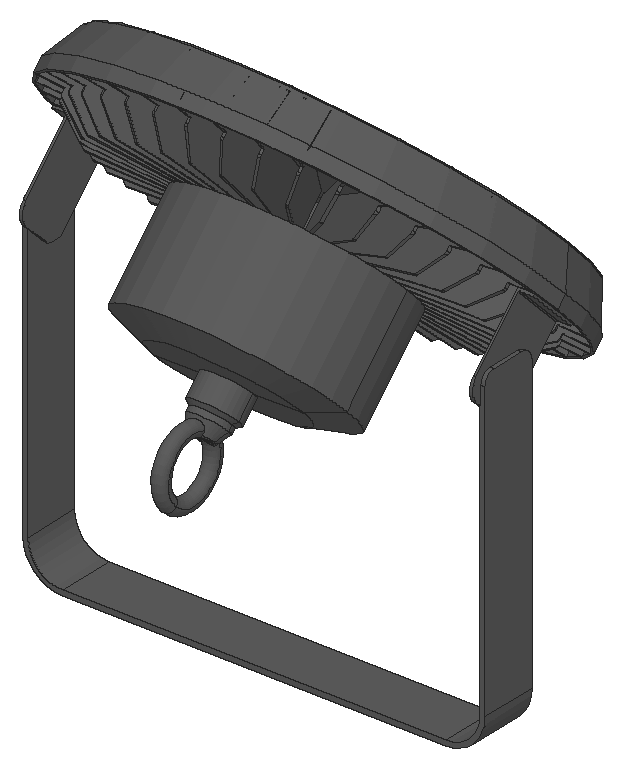
Revit family "0039351+0039354 Feilo Sylvania Lighting Fixture START HIGHBAY 6K 19KLM WIDE with BRACKET", category Lighting Fixtures, host Face, Revit 2017 (continued)
Definition of nested family "Start LED Highbay Head"
  Dimensions and locks
    equal spacing: plane 38, plane 3 "Center (Left/Right)", plane 39
    "EyeThickness_FEILO": plane 38 to plane 39
    "EyeThickness_FEILO": plane 37 to plane 40
    equal spacing: plane 37, plane 41, plane 40
    equal spacing: plane 6, plane 42, plane 18
    "ThicknessBracket_FEILO": plane 45 to plane 6
    "ThicknessBracket_FEILO": plane 8 to plane 44
    locked: plane 43 to plane 18 at 1
    equal spacing: plane 24, plane 46, plane 26
    equal spacing: plane 47, plane 1 "Center (Front/Back)", plane 48
    "WidthBracket_FEILO": plane 47 to plane 48
    "WidthRingChamfer_FEILO": plane 50 to plane 49
    "ThicknessWall_FEILO": plane 51 to plane 49
    equal spacing: plane 50, plane 52, plane 51
    "ThicknessBracket_FEILO": plane 54 to plane 50
    locked: plane 53 to plane 51 at 1
    "Radius_FEILO": plane 49 to plane 3 "Center (Left/Right)"
    "ShadeRadiusOut_FEILO": plane 3 "Center (Left/Right)" to plane 55
    "ShadeHeight_FEILO": plane 56 to plane 4
    "ShadeRadiusIn_FEILO": plane 3 "Center (Left/Right)" to plane 57
    locked: plane 58 to plane 57 at 8
    "ShadeThickness_FEILO": plane 60 to plane 4
    "ShadeThickness_FEILO": plane 59 to plane 55
    "EyeThicknessHalf_FEILO": radius of curve 8
    "ThicknessBracket_FEILO": radius of Extrusion 7 sketch curve  (x2)
    "ThicknessBracketHalf_FEILO": radius of Extrusion 7 sketch curve  (x2)
    "ShadeRadiusBend_FEILO": radius of curve 9
    aligned and locked: plane 2 to Extrusion 1
    aligned and locked: level to Extrusion 1
    aligned and locked: plane 5 to curve 1
    aligned and locked: plane 6 to curve 1
    aligned and locked: plane 7 to curve 1
    aligned and locked: plane 10 to curve 2
    aligned and locked: plane 9 to curve 3
    aligned and locked: plane 4 to curve 3
    aligned and locked: plane 11 to curve 3
    aligned and locked: plane 4 to curve 4
    aligned and locked: plane 18 to curve 5
    aligned and locked: plane 10 to curve 5
    aligned and locked: Revolve 2 sketch curve to plane 3 "Center (Left/Right)"
    aligned and locked: Revolve 2 sketch curve to curve 3
    aligned and locked: Revolve 2 sketch curve to curve 1
    aligned and locked: plane 4 to Revolve 2 sketch curve
    aligned and locked: plane 9 to Revolve 2 sketch curve
    aligned and locked: Revolve 2 sketch curve to plane 13
    aligned and locked: Revolve 2 sketch curve to plane 10
    aligned and locked: plane 13 to Revolve 2 sketch curve
    aligned and locked: plane 10 to Revolve 2 sketch curve
    aligned and locked: Revolve 2 sketch curve to plane 18
    aligned and locked: Revolve 2 sketch curve to plane 8
    aligned and locked: plane 5 to Revolve 2 sketch curve  (x2)
    aligned and locked: Revolve 3 sketch curve to plane 3 "Center (Left/Right)"
    aligned and locked: plane 11 to Revolve 3 sketch curve
    aligned and locked: Revolve 3 sketch curve to curve 2
    aligned and locked: plane 15 to Revolve 3 sketch curve
    aligned and locked: Revolve 3 sketch curve to plane 16
    aligned and locked: plane 17 to Revolve 3 sketch curve  (x2)
    aligned and locked: Revolve 3 sketch curve to plane 12
    aligned and locked: plane 7 to Revolve 3 sketch curve
    aligned and locked: Revolve 4 sketch curve to plane 3 "Center (Left/Right)"
    aligned and locked: Revolve 4 sketch curve to plane 14
    aligned and locked: plane 3 "Center (Left/Right)" to Revolve 4 sketch curve
    aligned and locked: Revolve 4 sketch curve to plane 12
    aligned and locked: plane 15 to Revolve 4 sketch curve
    aligned and locked: Revolve 2 sketch curve to curve 5
    aligned and locked: plane 22 to curve 6
    aligned and locked: plane 21 to curve 6
    aligned and locked: plane 20 to curve 6
    aligned and locked: plane 19 to curve 6
    aligned and locked: plane 33 to curve 7
    aligned and locked: plane 32 to curve 7
    aligned and locked: plane 35 to curve 7
    aligned and locked: plane 34 to curve 7
    aligned and locked: Revolve 5 sketch curve to plane 3 "Center (Left/Right)"
    aligned and locked: Revolve 5 sketch curve to plane 25
    aligned and locked: plane 27 to Revolve 5 sketch curve
    aligned and locked: plane 28 to Revolve 5 sketch curve
    aligned and locked: plane 30 to Revolve 5 sketch curve
    aligned and locked: Revolve 5 sketch curve to plane 29
    aligned and locked: plane 31 to Revolve 5 sketch curve
    aligned and locked: Revolve 5 sketch curve to curve 7
    aligned and locked: Revolve 5 sketch curve to plane 32
    aligned and locked: plane 34 to Revolve 5 sketch curve
    aligned and locked: plane 3 "Center (Left/Right)" to Revolve 5 sketch curve
    aligned and locked: plane 3 "Center (Left/Right)" to curve 8
    aligned and locked: plane 41 to curve 8
    aligned and locked: Revolve 6 sketch curve to plane 36
    aligned and locked: Revolve 6 sketch curve to curve 8
    aligned and locked: plane 43 to Extrusion 7 sketch curve  (x2)
    aligned and locked: plane 8 to Extrusion 7 sketch curve  (x3)
    aligned and locked: Extrusion 7 sketch curve to plane 45
    aligned and locked: Extrusion 7 sketch curve to plane 46  (x2)
    aligned and locked: plane 6 to Extrusion 7 sketch curve
    aligned and locked: Extrusion 7 sketch curve to plane 44  (x2)
    aligned and locked: Extrusion 7 to plane 48
    aligned and locked: plane 47 to Extrusion 7
    aligned and locked: plane 53 to Extrusion 7 sketch curve
    aligned and locked: plane 50 to Extrusion 7 sketch curve
    aligned and locked: Extrusion 7 sketch curve to plane 54
    aligned and locked: Extrusion 8 sketch curve to Extrusion 8 sketch curve
    aligned and locked: Extrusion 8 to plane 6
    aligned and locked: Extrusion 8 to Extrusion 7
    aligned and locked: Revolve 5 sketch curve to plane 22
    aligned and locked: plane 23 to nested 1
    aligned and locked: plane 1 "Center (Front/Back)" to nested 1
    aligned and locked: Revolve 9 sketch curve to plane 3 "Center (Left/Right)"
    aligned and locked: Revolve 9 sketch curve to plane 4
    aligned and locked: plane 6 to Revolve 9 sketch curve
    aligned and locked: plane 4 to Revolve 9 sketch curve
    aligned and locked: plane 7 to Revolve 9 sketch curve
    aligned and locked: Revolve 9 sketch curve to plane 5
    aligned and locked: plane 8 to Revolve 9 sketch curve  (x2)
    aligned and locked: Revolve 9 sketch curve to plane 19
    aligned and locked: plane 20 to Revolve 9 sketch curve
    aligned and locked: plane 19 to Revolve 9 sketch curve
    aligned and locked: plane 21 to Revolve 9 sketch curve
    aligned and locked: plane 22 to Revolve 9 sketch curve  (x2)
    aligned and locked: Revolve 9 sketch curve to Revolve 9 sketch curve
    aligned and locked: imposter light to plane 4
    aligned and locked: plane 3 "Center (Left/Right)" to imposter light
    aligned and locked: imposter light to plane 1 "Center (Front/Back)"
    aligned and locked: plane 55 to curve 9
    aligned and locked: plane 56 to curve 9
    aligned and locked: plane 57 to curve 9
    aligned and locked: plane 4 to curve 9
    aligned and locked: Revolve 10 sketch curve to curve 9
    aligned and locked: plane 58 to Revolve 10 sketch curve
    aligned and locked: plane 57 to Revolve 10 sketch curve
    aligned and locked: plane 56 to Revolve 10 sketch curve  (x2)
    aligned and locked: Revolve 10 sketch curve to plane 58
    aligned and locked: plane 60 to Revolve 10 sketch curve
  Automatic sketch dimensions
    Extrusion 1 sketch curve to Extrusion 1 sketch curve = 2438.4 mm  (x2)
    Revolve 2 sketch curve to plane 6 = 0.299 mm
    plane 6 to Revolve 2 sketch curve = 0.459 mm
    Revolve 2 sketch curve to level = 609.6 mm
    Revolve 2 sketch curve to Revolve 2 sketch curve = 2312.223 mm
    Revolve 3 sketch curve to plane 12 = 0 mm
    Revolve 3 sketch curve to plane 3 "Center (Left/Right)" = 0 mm
    Revolve 3 sketch curve to level = 609.6 mm
    Revolve 3 sketch curve to plane 4 = 2339.058 mm
    Revolve 4 sketch curve to level = 609.6 mm
    Revolve 4 sketch curve to plane 4 = 2339.058 mm
    Revolve 6 sketch curve to plane 5 = 1080 mm
    plane 38 to Revolve 6 sketch curve = 1219.2 mm
    Extrusion 8 sketch curve to plane 47 = 0 mm
    plane 46 to Extrusion 8 sketch curve = 0 mm  (x2)
    Extrusion 8 sketch curve to plane 48 = 0 mm
    plane 47 to Extrusion 8 sketch curve = 5 mm
    plane 1 "Center (Front/Back)" to Extrusion 8 sketch curve = 10 mm
    Extrusion 8 sketch curve to Extrusion 8 sketch curve = 10 mm
    plane 46 to Extrusion 8 sketch curve = 5 mm
    Extrusion 8 sketch curve to Extrusion 8 sketch curve = 5 mm
    Extrusion 8 sketch curve to plane 48 = 5 mm
    Revolve 5 sketch curve to plane 26 = 0 mm
    Revolve 5 sketch curve to plane 35 = 0.437 mm
    plane 35 to Revolve 5 sketch curve = 0.847 mm
    Revolve 5 sketch curve to plane 34 = 0.726 mm
    plane 40 to Revolve 5 sketch curve = 590.2 mm
    Revolve 5 sketch curve to plane 4 = 2339.058 mm
    Revolve 9 sketch curve to level = 609.6 mm
    Revolve 9 sketch curve to Revolve 9 sketch curve = 2386.058 mm
    curve 2 to plane 3 "Center (Left/Right)" = 0 mm
    Revolve 10 sketch curve to Revolve 10 sketch curve = 0 mm  (x2)
    Revolve 10 sketch curve to plane 3 "Center (Left/Right)" = 0 mm
    plane 57 to Revolve 10 sketch curve = 0.659 mm
    Revolve 10 sketch curve to level = 609.6 mm
    Revolve 10 sketch curve to Revolve 10 sketch curve = 2068.248 mm
  Nested families
    nested 1: "Start Highbay Rib" at (0, 0, 67.775), type "Type Name", detail levels medium+fine
      with SuspensionHeight_FEILO 2.6 mm
    nested 2: "Start Highbay Rib" at (0, 0, 67.775) x (0.9877, 0.1564, 0) z (0, 0, 1), type "Type Name", detail levels medium+fine
      with SuspensionHeight_FEILO 2.6 mm
    nested 3: "Start Highbay Rib" at (0, 0, 67.775) x (0.9511, 0.309, 0) z (0, 0, 1), type "Type Name", detail levels medium+fine
      with SuspensionHeight_FEILO 2.6 mm
    nested 4: "Start Highbay Rib" at (0, 0, 67.775) x (0.891, 0.454, 0) z (0, 0, 1), type "Type Name", detail levels medium+fine
      with SuspensionHeight_FEILO 2.6 mm
    nested 5: "Start Highbay Rib" at (0, 0, 67.775) x (0.809, 0.5878, 0) z (0, 0, 1), type "Type Name", detail levels medium+fine
      with SuspensionHeight_FEILO 2.6 mm
    nested 6: "Start Highbay Rib" at (0, 0, 67.775) x (0.7071, 0.7071, 0) z (0, 0, 1), type "Type Name", detail levels medium+fine
      with SuspensionHeight_FEILO 2.6 mm
    nested 7: "Start Highbay Rib" at (0, 0, 67.775) x (0.5878, 0.809, 0) z (0, 0, 1), type "Type Name", detail levels medium+fine
      with SuspensionHeight_FEILO 2.6 mm
    nested 8: "Start Highbay Rib" at (0, 0, 67.775) x (0.454, 0.891, 0) z (0, 0, 1), type "Type Name", detail levels medium+fine
      with SuspensionHeight_FEILO 2.6 mm
    nested 9: "Start Highbay Rib" at (0, 0, 67.775) x (0.309, 0.9511, 0) z (0, 0, 1), type "Type Name", detail levels medium+fine
      with SuspensionHeight_FEILO 2.6 mm
    nested 10: "Start Highbay Rib" at (0, 0, 67.775) x (0.1564, 0.9877, 0) z (0, 0, 1), type "Type Name", detail levels medium+fine
      with SuspensionHeight_FEILO 2.6 mm
    nested 11: "Start Highbay Rib" at (0, 0, 67.775) x (0, 1, 0) z (0, 0, 1), type "Type Name", detail levels medium+fine
      with SuspensionHeight_FEILO 2.6 mm
    nested 12: "Start Highbay Rib" at (0, 0, 67.775) x (-0.1564, 0.9877, 0) z (0, 0, 1), type "Type Name", detail levels medium+fine
      with SuspensionHeight_FEILO 2.6 mm
    nested 13: "Start Highbay Rib" at (0, 0, 67.775) x (-0.309, 0.9511, 0) z (0, 0, 1), type "Type Name", detail levels medium+fine
      with SuspensionHeight_FEILO 2.6 mm
    nested 14: "Start Highbay Rib" at (0, 0, 67.775) x (-0.454, 0.891, 0) z (0, 0, 1), type "Type Name", detail levels medium+fine
      with SuspensionHeight_FEILO 2.6 mm
    nested 15: "Start Highbay Rib" at (0, 0, 67.775) x (-0.5878, 0.809, 0) z (0, 0, 1), type "Type Name", detail levels medium+fine
      with SuspensionHeight_FEILO 2.6 mm
    nested 16: "Start Highbay Rib" at (0, 0, 67.775) x (-0.7071, 0.7071, 0) z (0, 0, 1), type "Type Name", detail levels medium+fine
      with SuspensionHeight_FEILO 2.6 mm
    nested 17: "Start Highbay Rib" at (0, 0, 67.775) x (-0.809, 0.5878, 0) z (0, 0, 1), type "Type Name", detail levels medium+fine
      with SuspensionHeight_FEILO 2.6 mm
    nested 18: "Start Highbay Rib" at (0, 0, 67.775) x (-0.891, 0.454, 0) z (0, 0, 1), type "Type Name", detail levels medium+fine
      with SuspensionHeight_FEILO 2.6 mm
    nested 19: "Start Highbay Rib" at (0, 0, 67.775) x (-0.9511, 0.309, 0) z (0, 0, 1), type "Type Name", detail levels medium+fine
      with SuspensionHeight_FEILO 2.6 mm
    nested 20: "Start Highbay Rib" at (0, 0, 67.775) x (-0.9877, 0.1564, 0) z (0, 0, 1), type "Type Name", detail levels medium+fine
      with SuspensionHeight_FEILO 2.6 mm
    nested 21: "Start Highbay Rib" at (0, 0, 67.775) x (-1, 0, 0) z (0, 0, 1), type "Type Name", detail levels medium+fine
      with SuspensionHeight_FEILO 2.6 mm
    nested 22: "Start Highbay Rib" at (0, 0, 67.775) x (-0.9877, -0.1564, 0) z (0, 0, 1), type "Type Name", detail levels medium+fine
      with SuspensionHeight_FEILO 2.6 mm
    nested 23: "Start Highbay Rib" at (0, 0, 67.775) x (-0.9511, -0.309, 0) z (0, 0, 1), type "Type Name", detail levels medium+fine
      with SuspensionHeight_FEILO 2.6 mm
    nested 24: "Start Highbay Rib" at (0, 0, 67.775) x (-0.891, -0.454, 0) z (0, 0, 1), type "Type Name", detail levels medium+fine
      with SuspensionHeight_FEILO 2.6 mm
    nested 25: "Start Highbay Rib" at (0, 0, 67.775) x (-0.809, -0.5878, 0) z (0, 0, 1), type "Type Name", detail levels medium+fine
      with SuspensionHeight_FEILO 2.6 mm
    nested 26: "Start Highbay Rib" at (0, 0, 67.775) x (-0.7071, -0.7071, 0) z (0, 0, 1), type "Type Name", detail levels medium+fine
      with SuspensionHeight_FEILO 2.6 mm
    nested 27: "Start Highbay Rib" at (0, 0, 67.775) x (-0.5878, -0.809, 0) z (0, 0, 1), type "Type Name", detail levels medium+fine
      with SuspensionHeight_FEILO 2.6 mm
    nested 28: "Start Highbay Rib" at (0, 0, 67.775) x (-0.454, -0.891, 0) z (0, 0, 1), type "Type Name", detail levels medium+fine
      with SuspensionHeight_FEILO 2.6 mm
    nested 29: "Start Highbay Rib" at (0, 0, 67.775) x (-0.309, -0.9511, 0) z (0, 0, 1), type "Type Name", detail levels medium+fine
      with SuspensionHeight_FEILO 2.6 mm
    nested 30: "Start Highbay Rib" at (0, 0, 67.775) x (-0.1564, -0.9877, 0) z (0, 0, 1), type "Type Name", detail levels medium+fine
      with SuspensionHeight_FEILO 2.6 mm
    nested 31: "Start Highbay Rib" at (0, 0, 67.775) x (0, -1, 0) z (0, 0, 1), type "Type Name", detail levels medium+fine
      with SuspensionHeight_FEILO 2.6 mm
    nested 32: "Start Highbay Rib" at (0, 0, 67.775) x (0.1564, -0.9877, 0) z (0, 0, 1), type "Type Name", detail levels medium+fine
      with SuspensionHeight_FEILO 2.6 mm
    nested 33: "Start Highbay Rib" at (0, 0, 67.775) x (0.309, -0.9511, 0) z (0, 0, 1), type "Type Name", detail levels medium+fine
      with SuspensionHeight_FEILO 2.6 mm
    nested 34: "Start Highbay Rib" at (0, 0, 67.775) x (0.454, -0.891, 0) z (0, 0, 1), type "Type Name", detail levels medium+fine
      with SuspensionHeight_FEILO 2.6 mm
    nested 35: "Start Highbay Rib" at (0, 0, 67.775) x (0.5878, -0.809, 0) z (0, 0, 1), type "Type Name", detail levels medium+fine
      with SuspensionHeight_FEILO 2.6 mm
    nested 36: "Start Highbay Rib" at (0, 0, 67.775) x (0.7071, -0.7071, 0) z (0, 0, 1), type "Type Name", detail levels medium+fine
      with SuspensionHeight_FEILO 2.6 mm
    nested 37: "Start Highbay Rib" at (0, 0, 67.775) x (0.809, -0.5878, 0) z (0, 0, 1), type "Type Name", detail levels medium+fine
      with SuspensionHeight_FEILO 2.6 mm
    nested 38: "Start Highbay Rib" at (0, 0, 67.775) x (0.891, -0.454, 0) z (0, 0, 1), type "Type Name", detail levels medium+fine
      with SuspensionHeight_FEILO 2.6 mm
    nested 39: "Start Highbay Rib" at (0, 0, 67.775) x (0.9511, -0.309, 0) z (0, 0, 1), type "Type Name", detail levels medium+fine
      with SuspensionHeight_FEILO 2.6 mm
    nested 40: "Start Highbay Rib" at (0, 0, 67.775) x (0.9877, -0.1564, 0) z (0, 0, 1), type "Type Name", detail levels medium+fine
      with SuspensionHeight_FEILO 2.6 mm
  Definition of nested family "Start Highbay Rib"
    Parameters (values of type "Type Name")
      WidthStraight_FEILO = if(SizeS_FEILO, 3 mm, if(SizeM_FEILO, 4 mm, 4.7 mm))  # 3 mm
      WidthRingChamfer_FEILO = if(SizeS_FEILO, 10.3 mm, if(SizeM_FEILO, 11.2 mm, 12.9 mm))  # 10.3 mm
      WidthCurved_FEILO = if(SizeS_FEILO, 17.4 mm, if(SizeM_FEILO, 16.4 mm, 26.2 mm))  # 17.4 mm
      WidthCurvedRing_FEILO = if(SizeS_FEILO, 3 mm, if(SizeM_FEILO, 4 mm, 4.7 mm))  # 3 mm
      WidthBracket_FEILO = 40 mm
      URL = "http://www.feilosylvania.com"
      Type Image = (empty or 0)
      Type Comments = "n/a"
      ThicknessWall_FEILO = 1.5 mm
      ThicknessBracket_FEILO = 1.5 mm
      ThicknessBracketHalf_FEILO = ThicknessBracket_FEILO / 2  # 0.75 mm
      SuspensionHeight_FEILO [instance] = 2.6 mm
      SizeS_FEILO = yes
      SizeM_FEILO = no
      Rib4_FEILO = if(SizeS_FEILO, 18.1 mm, if(SizeM_FEILO, 13.6 mm, 14.6 mm))  # 18.1 mm
      Rib3_FEILO = if(SizeS_FEILO, 15.3 mm, if(SizeM_FEILO, 17.6 mm, 20.2 mm))  # 15.3 mm
      Rib2_FEILO = if(SizeS_FEILO, 3.6 mm, if(SizeM_FEILO, 3.9 mm, 4.5 mm))  # 3.6 mm
      Rib1_FEILO = if(SizeS_FEILO, 15.1 mm, if(SizeM_FEILO, 16.5 mm, 19 mm))  # 15.1 mm
      RadiusRib_FEILO = 2 mm
      RadiusDiffuser_FEILO = if(SizeS_FEILO, 95.2 mm, if(SizeM_FEILO, 105.3 mm, 120 mm))  # 95.2 mm
      RHRadius3_FEILO = if(SizeS_FEILO, 6.6 mm, if(SizeM_FEILO, 7.4 mm, 8.6 mm))  # 6.6 mm
      RHRadius2_FEILO = if(SizeS_FEILO, 11 mm, if(SizeM_FEILO, 12 mm, 14 mm))  # 11 mm
      RHRadius1_FEILO = if(SizeS_FEILO, 13.6 mm, if(SizeM_FEILO, 14.9 mm, 17.7 mm))  # 13.6 mm
      RHHeight4_FEILO = if(SizeS_FEILO, 7.3 mm, if(SizeM_FEILO, 8 mm, 9.2 mm))  # 7.3 mm
      RHHeight3_FEILO = if(SizeS_FEILO, 3.6 mm, if(SizeM_FEILO, 3.7 mm, 4.6 mm))  # 3.6 mm
      RHHeight2_FEILO = if(SizeS_FEILO, 2 mm, if(SizeM_FEILO, 2.2 mm, 2.6 mm))  # 2 mm
      RHHeight1_FEILO = if(SizeS_FEILO, 11.8 mm, if(SizeM_FEILO, 15.3 mm, 17.4 mm))  # 11.8 mm
      Material_3_FEILO = none
      Model = ""
      Manufacturer = "Feilo Sylvania"
      Keynote = "16500"
      HeightRing_FEILO = if(SizeS_FEILO, 19.8 mm, if(SizeM_FEILO, 32 mm, 36.8 mm))  # 19.8 mm
      HeightRingChamfer_FEILO = if(SizeS_FEILO, 11.7 mm, if(SizeM_FEILO, 23.2 mm, 26.6 mm))  # 11.7 mm
      EyeThickness_FEILO = if(SizeS_FEILO, 8.4 mm, if(SizeM_FEILO, 9.2 mm, 10.5 mm))  # 8.4 mm
      EyeThicknessHalf_FEILO = EyeThickness_FEILO / 2  # 4.2 mm
      EyeInner_FEILO = if(SizeS_FEILO, 13.8 mm, if(SizeM_FEILO, 15.1 mm, 17.3 mm))  # 13.8 mm
      DriverVerticalStraight_FEILO = if(SizeS_FEILO, 46.5 mm, if(SizeM_FEILO, 49.7 mm, 57 mm))  # 46.5 mm
      DriverVerticalChamfer_FEILO = if(SizeS_FEILO, 7.5 mm, if(SizeM_FEILO, 8.2 mm, 9.5 mm))  # 7.5 mm
      DriverRadius_FEILO = if(SizeS_FEILO, 61.4 mm, if(SizeM_FEILO, 67.2 mm, 76.4 mm))  # 61.4 mm
      DriverRadiusTop_FEILO = if(SizeS_FEILO, 42 mm, if(SizeM_FEILO, 45.3 mm, 52.4 mm))  # 42 mm
      DriverBottom_FEILO = if(SizeS_FEILO, 56 mm, if(SizeM_FEILO, 64.5 mm, 74 mm))  # 56 mm
      Material_2_FEILO = none
      Radius_FEILO = if(SizeS_FEILO, 135 mm, if(SizeM_FEILO, 148 mm, 169.5 mm))  # 135 mm
      Description = ""
      Default Elevation = 1219.2 mm
      Cost = 0
      Material_1_FEILO = none
      Assembly Code = "D5020200"
      Material_4_FEILO = none
    Reference planes
      plane 1 "Center (Front/Back)": y = 0
      plane 2: z = 0
      plane 3 "Center (Left/Right)": x = 0
      plane 4: z = 2.6
      plane 5: x = -135
      plane 6: x = -124.7
      plane 7: z = -9.1
      plane 8: z = -17.2
      plane 9: x = -121.7
      plane 10: z = -0.025
      plane 11: x = -104.3
      plane 12: x = -95.2
      plane 13: x = -118.7
      plane 14: z = 0.975
      plane 15: z = -1.025
      plane 16: x = -92.2
      plane 17: z = -2.025
      plane 18: x = -133.5
      plane 19: x = -119.9
      plane 20: z = -20.8
      plane 21: x = -104.6
      plane 22: z = -38.9
      plane 23: x = -20
      plane 24: z = -53.4
      plane 25: x = -61.4
      plane 26: z = -99.9
      plane 27: x = -42
      plane 28: z = -107.4
      plane 29: x = -13.6
      plane 30: z = -119.2
      plane 31: z = -121.2
      plane 32: x = -11
      plane 33: z = -124.8
      plane 34: z = -132.1
      plane 35: x = -6.6
      plane 36: z = -145.9
      plane 37: z = -159.7
      plane 38: x = 4.2
      plane 39: x = -4.2
      plane 40: z = -168.1
      plane 41: z = -163.9
      plane 42: x = -129.1
      plane 43: x = -132.5
      plane 44: z = -18.7
      plane 45: x = -123.2
      plane 46: z = -76.65
      plane 47: y = -20
      plane 48: y = 20
      plane 49: x = 135
      plane 50: x = 124.7
      plane 51: x = 133.5
      plane 52: x = 129.1
      plane 53: x = 132.5
      plane 54: x = 123.2
      plane 55: y = 0.75
      plane 56: y = -0.75
    Forms (mm)
      Extrusion 1, solid
        sketch origin (4.2, 0, 0) x (1, 0, 0) y (0, 1, 0)
          loop
            line (-1219.2, 1219.2) -> (-1219.2, -1219.2) -> (1219.2, -1219.2) -> (1219.2, 1219.2) -> (-1219.2, 1219.2)
        from 0 to -68.017
      Extrusion 2, solid, material <- "Material_1_FEILO"
        sketch origin (0, 0, 0) x (1, 0, 0) y (0, 0, 1)
          loop
            arc (-104.3, -0.025) -> (-111.555, 0.423) -> (-118.7, 1.76) r 58.981
            line (-118.7, 1.76) -> (-118.7, -0.025) -> (-125.012, -0.025) -> (-133.5, -9.666) -> (-133.5, -17.2) -> (-119.9, -17.2) -> (-119.9, -20.068)
            arc (-119.9, -20.068) -> (-119.778, -20.755) -> (-119.427, -21.359) r 2
            line (-119.427, -21.359) -> (-104.966, -38.467)
            arc (-104.966, -38.467) -> (-104.381, -38.789) -> (-103.723, -38.9) r 2
            line (-103.723, -38.9) -> (-20, -38.9) -> (-20, -9.1) -> (-95.2, -9.1) -> (-95.2, -2.025) -> (-104.3, -2.025) -> (-104.3, -0.025)
        from -0.75 to 0.75
    Lines and regions (mm)
      reference lines
        curve 1: line (-135, 0, -9.1) -> (-124.7, 0, 2.6)
        curve 2: line (-104.3, 0, -0.025) -> (0, 0, -0.025)
        curve 3: arc (-104.3, 0, -0.025) -> (-113.098, 0, 0.635) -> (-121.7, 0, 2.6) r 58.981
        curve 4: line (-124.7, 0, 2.6) -> (-121.7, 0, 2.6)
        curve 5: line (-125.012, 0, -0.025) -> (-133.5, 0, -9.666)
        curve 6: line (-119.9, 0, -20.8) -> (-104.6, 0, -38.9)
    Dimensions and locks
      "Radius_FEILO": plane 3 "Center (Left/Right)" to plane 5
      "WidthRingChamfer_FEILO": plane 6 to plane 5
      "WidthStraight_FEILO": plane 9 to plane 6
      "WidthCurvedRing_FEILO": plane 13 to plane 9
      locked: plane 10 to plane 15 at 1
      locked: plane 14 to plane 10 at 1
      locked: plane 4 to plane 10 at 2.625
      locked: plane 15 to plane 17 at 1
      "ThicknessWall_FEILO": plane 18 to plane 5
      "ThicknessWall_FEILO": curve 5 to curve 1
      "HeightRingChamfer_FEILO": plane 4 to plane 7
      "HeightRing_FEILO": plane 4 to plane 8
      "RadiusDiffuser_FEILO": plane 3 "Center (Left/Right)" to plane 12
      locked: plane 16 to plane 12 at 3
      "WidthCurved_FEILO": plane 11 to plane 9
      "SuspensionHeight_FEILO": plane 4 to plane 2
      "Rib1_FEILO": plane 19 to plane 5
      "Rib2_FEILO": plane 8 to plane 20
      "Rib3_FEILO": plane 21 to plane 19
      "Rib4_FEILO": plane 20 to plane 22
      locked: plane 3 "Center (Left/Right)" to plane 23 at 20
      "DriverBottom_FEILO": plane 4 to plane 24
      "DriverRadius_FEILO": plane 3 "Center (Left/Right)" to plane 25
      "DriverVerticalStraight_FEILO": plane 24 to plane 26
      "DriverRadiusTop_FEILO": plane 3 "Center (Left/Right)" to plane 27
      "DriverVerticalChamfer_FEILO": plane 26 to plane 28
      "RHRadius1_FEILO": plane 3 "Center (Left/Right)" to plane 29
      "RHHeight2_FEILO": plane 30 to plane 31
      "RHRadius2_FEILO": plane 3 "Center (Left/Right)" to plane 32
      "RHHeight3_FEILO": plane 31 to plane 33
      "RHHeight4_FEILO": plane 33 to plane 34
      "RHRadius3_FEILO": plane 3 "Center (Left/Right)" to plane 35
      "RHHeight1_FEILO": plane 28 to plane 30
      "EyeInner_FEILO": plane 34 to plane 36
      "EyeInner_FEILO": plane 36 to plane 37
      equal spacing: plane 38, plane 3 "Center (Left/Right)", plane 39
      "EyeThickness_FEILO": plane 38 to plane 39
      "EyeThickness_FEILO": plane 37 to plane 40
      equal spacing: plane 37, plane 41, plane 40
      equal spacing: plane 6, plane 42, plane 18
      "ThicknessBracket_FEILO": plane 45 to plane 6
      "ThicknessBracket_FEILO": plane 8 to plane 44
      locked: plane 43 to plane 18 at 1
      equal spacing: plane 24, plane 46, plane 26
      equal spacing: plane 47, plane 1 "Center (Front/Back)", plane 48
      "WidthBracket_FEILO": plane 47 to plane 48
      "WidthRingChamfer_FEILO": plane 50 to plane 49
      "ThicknessWall_FEILO": plane 51 to plane 49
      equal spacing: plane 50, plane 52, plane 51
      "ThicknessBracket_FEILO": plane 54 to plane 50
      locked: plane 53 to plane 51 at 1
      "Radius_FEILO": plane 49 to plane 3 "Center (Left/Right)"
      equal spacing: plane 56, plane 1 "Center (Front/Back)", plane 55
      "ThicknessWall_FEILO": plane 56 to plane 55
      "RadiusRib_FEILO": radius of Extrusion 2 sketch curve  (x2)
      aligned and locked: plane 2 to Extrusion 1
      aligned and locked: level to Extrusion 1
      aligned and locked: plane 5 to curve 1
      aligned and locked: plane 6 to curve 1
      aligned and locked: plane 7 to curve 1
      aligned and locked: plane 10 to curve 2
      aligned and locked: plane 9 to curve 3
      aligned and locked: plane 4 to curve 3
      aligned and locked: plane 11 to curve 3
      aligned and locked: plane 4 to curve 4
      aligned and locked: plane 18 to curve 5
      aligned and locked: plane 10 to curve 5
      aligned and locked: plane 22 to curve 6
      aligned and locked: plane 21 to curve 6
      aligned and locked: plane 20 to curve 6
      aligned and locked: plane 19 to curve 6
      aligned and locked: Extrusion 2 sketch curve to plane 23
      aligned and locked: Extrusion 2 sketch curve to plane 22
      aligned and locked: Extrusion 2 sketch curve to curve 6
      aligned and locked: plane 19 to Extrusion 2 sketch curve
      aligned and locked: Extrusion 2 sketch curve to plane 8
      aligned and locked: Extrusion 2 sketch curve to curve 5
      aligned and locked: Extrusion 2 sketch curve to curve 3
      aligned and locked: Extrusion 2 to plane 55
      aligned and locked: plane 56 to Extrusion 2
      aligned and locked: curve 6 to Extrusion 2 sketch curve
    Automatic sketch dimensions
      Extrusion 1 sketch curve to Extrusion 1 sketch curve = 2438.4 mm  (x2)
      curve 2 to plane 3 "Center (Left/Right)" = 0 mm
      Extrusion 2 sketch curve to plane 18 = 0 mm
      Extrusion 2 sketch curve to plane 10 = 0 mm
      Extrusion 2 sketch curve to plane 13 = 0 mm
      Extrusion 2 sketch curve to plane 7 = 0 mm
      Extrusion 2 sketch curve to plane 12 = 0 mm
      Extrusion 2 sketch curve to plane 17 = 0 mm
      plane 19 to Extrusion 2 sketch curve = 0.473 mm
      Extrusion 2 sketch curve to plane 21 = 0.366 mm
